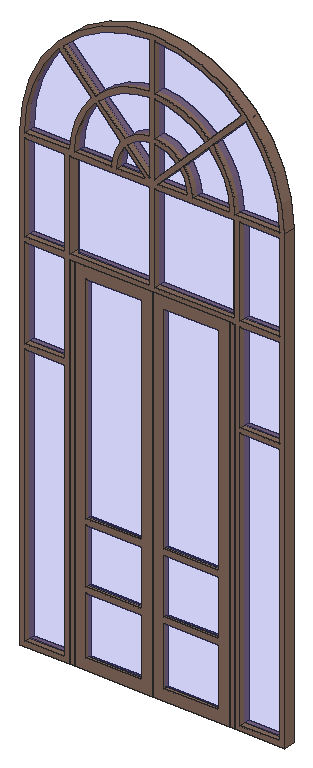
Revit family "DAL_A3-516-Front-Door-2", category Doors, host Wall, Revit 2016
Family settings
  Host = Wall
  Always vertical = Yes
  Cut with Voids When Loaded = No
  Shared = No
  Room Calculation Point = No
Parameters
  offset = 115 mm
  Function = Interior
  Frame Projection Ext. = 25 mm
  Frame Projection Int. = 25 mm
  Frame Width = 75 mm
  Height = 2000 mm
  Wall Closure = By host
  Width = 1700 mm
Reference planes
  plane 1: y = 0
  plane 2 "Center (Left/Right)": x = 0
  plane 3 "Left": x = -850
  plane 4 "Right": x = 850
  plane 5 "Exterior": y = 115
  plane 6 "Interior": y = -115
  plane 7: x = 750
  plane 8: x = -750
  plane 9: z = 4900
Forms (mm)
  Extrusion 1, solid, material "frontdoor"
    sketch origin (0, 115, 0) x (1, 0, 0) y (0, 0, 1)
      loop
        arc (1200, 4172) -> (0, 5372) -> (-1200, 4172) r 1200
        line (-1200, 4172) -> (-1200, 0) -> (-750, 0) -> (-750, 2459) -> (-750, 3282.5) -> (750, 3282.5) -> (750, 2415) -> (750, 0) -> (1200, 0) -> (1200, 4172)
      loop
        line (-750, 4128) -> (-750, 3326.5) -> (-22, 3326.5) -> (-22, 4128) -> (-750, 4128)
      loop
        line (-1156, 4172) -> (-749.677, 4172)
        arc (-749.677, 4172) -> (-692.91, 4437.013) -> (-545.658, 4664.546) r 750
        line (-545.658, 4664.546) -> (-843.54, 4962.428)
        arc (-843.54, 4962.428) -> (-1075.051, 4596.973) -> (-1156, 4172) r 1156
      loop
        line (750, 4128) -> (22, 4128) -> (22, 3326.5) -> (750, 3326.5) -> (750, 4128)
      loop
        line (22, 5327.791) -> (22, 4899.677)
        arc (22, 4899.677) -> (287.013, 4842.91) -> (514.546, 4695.658) r 750
        line (514.546, 4695.658) -> (812.846, 4993.959)
        arc (812.846, 4993.959) -> (449.559, 5237.004) -> (22, 5327.791) r 1156
      loop
        line (-22, 4203.113) -> (-22, 4491.071)
        arc (-22, 4491.071) -> (-129.55, 4464.416) -> (-221.551, 4402.663) r 319.829
        line (-221.551, 4402.663) -> (-22, 4203.113)
      loop
        arc (-22, 4855.657) -> (-270.175, 4802.259) -> (-483.419, 4664.531) r 706
        line (-483.419, 4664.531) -> (-252.669, 4433.782)
        arc (-252.669, 4433.782) -> (-146.391, 4505.078) -> (-22, 4535.163) r 363.829
        line (-22, 4535.163) -> (-22, 4855.657)
      loop
        arc (483.419, 4664.531) -> (270.175, 4802.259) -> (22, 4855.657) r 706
        line (22, 4855.657) -> (22, 4535.163)
        arc (22, 4535.163) -> (146.391, 4505.078) -> (252.669, 4433.782) r 363.829
        line (252.669, 4433.782) -> (483.419, 4664.531)
      loop
        arc (-514.531, 4633.419) -> (-652.259, 4420.175) -> (-705.657, 4172) r 706
        line (-705.657, 4172) -> (-363.829, 4172)
        arc (-363.829, 4172) -> (-342.88, 4293.673) -> (-282.448, 4401.335) r 363.829
        line (-282.448, 4401.335) -> (-514.531, 4633.419)
      loop
        arc (319.829, 4172) -> (302.17, 4276.802) -> (251.145, 4370.032) r 319.829
        line (251.145, 4370.032) -> (53.113, 4172) -> (319.829, 4172)
      loop
        line (22, 4203.113) -> (221.551, 4402.663)
        arc (221.551, 4402.663) -> (129.55, 4464.416) -> (22, 4491.071) r 319.829
        line (22, 4491.071) -> (22, 4203.113)
      loop
        line (843.54, 4962.428) -> (545.658, 4664.546)
        arc (545.658, 4664.546) -> (692.91, 4437.013) -> (749.677, 4172) r 750
        line (749.677, 4172) -> (1156, 4172)
        arc (1156, 4172) -> (1075.051, 4596.973) -> (843.54, 4962.428) r 1156
      loop
        arc (282.448, 4401.335) -> (342.88, 4293.673) -> (363.829, 4172) r 363.829
        line (363.829, 4172) -> (705.657, 4172)
        arc (705.657, 4172) -> (652.259, 4420.175) -> (514.531, 4633.419) r 706
        line (514.531, 4633.419) -> (282.448, 4401.335)
      loop
        arc (-251.145, 4370.032) -> (-302.17, 4276.802) -> (-319.829, 4172) r 319.829
        line (-319.829, 4172) -> (-53.113, 4172) -> (-251.145, 4370.032)
      loop
        line (-794, 4128) -> (-1156, 4128) -> (-1156, 3326.5) -> (-794, 3326.5) -> (-794, 4128)
      loop
        line (-1156, 44) -> (-794, 44) -> (-794, 2415) -> (-1156, 2415) -> (-1156, 44)
      loop
        line (794, 4128) -> (794, 3326.5) -> (1156, 3326.5) -> (1156, 4128) -> (794, 4128)
      loop
        line (1156, 44) -> (1156, 2415) -> (794, 2415) -> (794, 44) -> (1156, 44)
      loop
        line (-794, 2459) -> (-794, 3282.5) -> (-1156, 3282.5) -> (-1156, 2459) -> (-794, 2459)
      loop
        line (794, 2459) -> (1156, 2459) -> (1156, 3282.5) -> (794, 3282.5) -> (794, 2459)
      loop
        arc (-514.546, 4695.658) -> (-287.013, 4842.91) -> (-22, 4899.677) r 750
        line (-22, 4899.677) -> (-22, 5327.791)
        arc (-22, 5327.791) -> (-449.559, 5237.004) -> (-812.846, 4993.959) r 1156
        line (-812.846, 4993.959) -> (-514.546, 4695.658)
    from 65 to 165
  Extrusion 2, solid, material "frontdoor"
    sketch origin (0, 115, 0) x (1, 0, 0) y (0, 0, 1)
      loop
        line (700, 3282.5) -> (0, 3282.5) -> (0, 0) -> (700, 0) -> (700, 3282.5)
      loop
        line (600, 3182.5) -> (100, 3182.5) -> (100, 1232.5) -> (600, 1232.5) -> (600, 3182.5)
      loop
        line (100, 100) -> (600, 100) -> (600, 628.75) -> (100, 628.75) -> (100, 100)
      loop
        line (100, 678.75) -> (600, 678.75) -> (600, 1182.5) -> (100, 1182.5) -> (100, 678.75)
    from 115 to 165
  Extrusion 3, solid, material "frontdoor"
    sketch origin (0, 75, 0) x (-1, 0, 0) y (0, 0, -1)
      loop
        line (700, -3282.5) -> (700, 0) -> (0, 0) -> (0, -3282.5) -> (700, -3282.5)
      loop
        line (100, -3182.5) -> (600, -3182.5) -> (600, -1232.5) -> (100, -1232.5) -> (100, -3182.5)
      loop
        line (600, -100) -> (100, -100) -> (100, -628.75) -> (600, -628.75) -> (600, -100)
      loop
        line (100, -1182.5) -> (600, -1182.5) -> (600, -678.75) -> (100, -678.75) -> (100, -1182.5)
    from 75 to 125
  Extrusion 4, solid, material "Glass"
    sketch origin (0, 115, 0) x (1, 0, 0) y (0, 0, 1)
      loop
        line (600, 3182.5) -> (100, 3182.5) -> (100, 1232.5) -> (600, 1232.5) -> (600, 3182.5)
      loop
        line (600, 1182.5) -> (100, 1182.5) -> (100, 678.75) -> (600, 678.75) -> (600, 1182.5)
      loop
        line (600, 628.75) -> (100, 628.75) -> (100, 100) -> (600, 100) -> (600, 628.75)
    from 135 to 145
  Extrusion 5, solid, material "Glass"
    sketch origin (0, 75, 0) x (-1, 0, 0) y (0, 0, -1)
      loop
        line (600, -3182.5) -> (600, -1232.5) -> (100, -1232.5) -> (100, -3182.5) -> (600, -3182.5)
      loop
        line (600, -1182.5) -> (600, -678.75) -> (100, -678.75) -> (100, -1182.5) -> (600, -1182.5)
      loop
        line (600, -628.75) -> (600, -100) -> (100, -100) -> (100, -628.75) -> (600, -628.75)
    from 95 to 105
  Extrusion 6, solid, material "Glass"
    sketch origin (0, -115, 0) x (1, 0, 0) y (0, 0, 1)
      loop
        line (843.54, 4962.428) -> (53.113, 4172) -> (1156, 4172)
        arc (1156, 4172) -> (1075.051, 4596.973) -> (843.54, 4962.428) r 1156
      loop
        line (22, 5327.791) -> (22, 4203.113) -> (812.846, 4993.959)
        arc (812.846, 4993.959) -> (449.559, 5237.004) -> (22, 5327.791) r 1156
      loop
        arc (-22, 5327.791) -> (-449.559, 5237.004) -> (-812.846, 4993.959) r 1156
        line (-812.846, 4993.959) -> (-22, 4203.113) -> (-22, 5327.791)
      loop
        arc (-843.54, 4962.428) -> (-1075.051, 4596.973) -> (-1156, 4172) r 1156
        line (-1156, 4172) -> (-53.113, 4172) -> (-843.54, 4962.428)
      loop
        line (-706, 4128) -> (-706, 3326.5) -> (-22, 3326.5) -> (-22, 4128) -> (-706, 4128)
      loop
        line (22, 4128) -> (22, 3326.5) -> (706, 3326.5) -> (706, 4128) -> (22, 4128)
      loop
        line (-1156, 4128) -> (-1156, 3326.5) -> (-794, 3326.5) -> (-794, 4128) -> (-1156, 4128)
      loop
        line (-1156, 3282.5) -> (-1156, 2459) -> (-794, 2459) -> (-794, 3282.5) -> (-1156, 3282.5)
      loop
        line (-1156, 2415) -> (-1156, 44) -> (-794, 44) -> (-794, 2415) -> (-1156, 2415)
      loop
        line (1156, 4128) -> (794, 4128) -> (794, 3326.5) -> (1156, 3326.5) -> (1156, 4128)
      loop
        line (1156, 3282.5) -> (794, 3282.5) -> (794, 2459) -> (1156, 2459) -> (1156, 3282.5)
      loop
        line (1156, 2415) -> (794, 2415) -> (794, 44) -> (1156, 44) -> (1156, 2415)
    from -120 to -110
  Extrusion 7, solid, material "frontdoor"
    sketch origin (0, 115, 0) x (1, 0, 0) y (0, 0, 1)
      loop
        line (700, 3282.5) -> (700, 0) -> (750, 0) -> (750, 3282.5) -> (700, 3282.5)
      loop
        line (-700, 0) -> (-700, 3282.5) -> (-750, 3282.5) -> (-750, 0) -> (-700, 0)
    from 65 to 165
Lines and regions (mm)
  Opening 1
    outline origin (-3050, -115, 0) x (1, 0, 0) y (0, 0, 1)
      loop
        line (1850, 0) -> (4250, 0) -> (4250, 4172)
        arc (4250, 4172) -> (3050, 5372) -> (1850, 4172) r 1200
        line (1850, 4172) -> (1850, 0)
  symbolic lines, style "Plan Swing"
    curve 1: arc (2.196, -52.02, 0) -> (-201.795, -586.435, 0) -> (-710, -848.999, 0) r 802.026
    curve 2: line (-750, -50, 0) -> (-710, -50, 0)
    curve 3: line (-750, -848.999, 0) -> (-750, -50, 0)
    curve 4: line (-710, -848.999, 0) -> (-750, -848.999, 0)
    curve 5: line (-710, -50, 0) -> (-710, -848.999, 0)
    curve 10: arc (-2.196, -52.02, 0) -> (201.795, -586.435, 0) -> (710, -848.999, 0) r 802.026
    curve 11: line (750, -50, 0) -> (710, -50, 0)
    curve 12: line (750, -848.999, 0) -> (750, -50, 0)
    curve 13: line (710, -848.999, 0) -> (750, -848.999, 0)
    curve 14: line (710, -50, 0) -> (710, -848.999, 0)
  model lines, style "Elevation Swing"
    curve 6: line (700, 115, 2415) -> (0, 115, 1207.5)
    curve 7: line (0, 115, 1207.5) -> (700, 115, 0)
    curve 8: line (-700, 115, 2415) -> (0, 115, 1207.5)
    curve 9: line (-700, 115, 0) -> (0, 115, 1207.5)
Text (mm)
  text "Exterior" at (-2295.016, 1099.543, 0), in view "Ref. Level"
  text "Exterior" at (0, 1615.38, 3698.081), in view "Left"
  text "Exterior" at (0, 1036.032, 3874.932), in view "Right"
Dimensions and locks
  equal spacing: plane 3 "Left", plane 2 "Center (Left/Right)", plane 4 "Right"
  "Width": plane 3 "Left" to plane 4 "Right"
  locked: plane 5 "Exterior" to host wall at 0
  locked: plane 6 "Interior" to host wall
  Extrusion 1 to host wall to Extrusion 1 = 50 mm locked, 50 mm locked
  locked: Extrusion 2 to Extrusion 4 at 20  (x2)
  Extrusion 6 to Extrusion 3 to Extrusion 6 = 5 mm locked, 5 mm locked
  locked: curve 4 to Extrusion 3 at 798.999
  "offset": plane 6 "Interior" to plane 1
  radius of curve 1 = 802.026 mm
  aligned and locked: Opening 1 sketch curve to level
  aligned and locked: plane 1 to host wall
  aligned and locked: level to Extrusion 2 sketch curve
  aligned and locked: Extrusion 2 sketch curve to plane 2 "Center (Left/Right)"
  aligned and locked: Extrusion 1 to Extrusion 2
  aligned and locked: Extrusion 2 to host wall
  aligned and locked: Extrusion 3 to host wall
  aligned and locked: Extrusion 1 to Extrusion 3
  aligned and locked: Extrusion 3 to Extrusion 2
  aligned and locked: curve 2 to Extrusion 3
  aligned and locked: Extrusion 7 sketch curve to host wall
  aligned and locked: Extrusion 7 sketch curve to Extrusion 3
  aligned and locked: Extrusion 1 to Extrusion 7  (x2)
Automatic sketch dimensions
  Extrusion 5 sketch curve to plane 2 "Center (Left/Right)" = 100 mm  (x2)
  Extrusion 5 sketch curve to Extrusion 5 sketch curve = 0 mm  (x2)
  Extrusion 5 sketch curve to plane 3 "Left" = 250 mm  (x2)
  Extrusion 5 sketch curve to Extrusion 5 sketch curve = 1950 mm
  Extrusion 5 sketch curve to Extrusion 5 sketch curve = 50 mm  (x2)
  Extrusion 5 sketch curve to Extrusion 5 sketch curve = 503.75 mm
  level to Extrusion 5 sketch curve = 100 mm
  Extrusion 7 sketch curve to plane 8 = 0 mm
  Extrusion 7 sketch curve to plane 7 = 0 mm
  Extrusion 7 sketch curve to Extrusion 7 sketch curve = 50 mm
  plane 7 to Extrusion 7 sketch curve = 50 mm
  curve 9 to level = 0 mm
  curve 7 to plane 2 "Center (Left/Right)" = 0 mm
  curve 7 to level = 0 mm
  curve 8 to plane 8 = 50 mm
  curve 9 to plane 8 = 50 mm
  plane 7 to curve 7 = 50 mm
  plane 7 to curve 6 = 50 mm
  level to curve 7 = 1207.5 mm
  curve 6 to curve 8 = 1207.5 mm
  curve 6 to curve 6 = 1207.5 mm
  plane 2 "Center (Left/Right)" to Extrusion 4 sketch curve = 100 mm  (x2)
  Extrusion 4 sketch curve to Extrusion 4 sketch curve = 0 mm  (x2)
  plane 7 to Extrusion 4 sketch curve = 150 mm  (x2)
  level to Extrusion 4 sketch curve = 100 mm
  Extrusion 4 sketch curve to Extrusion 4 sketch curve = 528.75 mm
  Extrusion 4 sketch curve to Extrusion 4 sketch curve = 50 mm  (x2)
  Extrusion 4 sketch curve to Extrusion 4 sketch curve = 503.75 mm
  Extrusion 4 sketch curve to Extrusion 4 sketch curve = 1950 mm
  Extrusion 5 sketch curve to Extrusion 5 sketch curve = 528.75 mm
  curve 4 to plane 8 = 0 mm
  plane 8 to curve 1 = 49.83 mm
  curve 1 to plane 8 = 40 mm
  curve 11 to plane 7 = 0 mm
  plane 7 to curve 14 = 40 mm
  curve 10 to plane 2 "Center (Left/Right)" = 2.196 mm
  curve 10 to plane 7 = 49.83 mm
  host wall to curve 12 = 733.999 mm
  curve 10 to curve 11 = 2.02 mm
  Extrusion 6 sketch curve to Extrusion 6 sketch curve = 0 mm  (x19)
  Extrusion 6 sketch curve to plane 2 "Center (Left/Right)" = 0 mm
  Extrusion 6 sketch curve to plane 2 "Center (Left/Right)" = 22 mm  (x2)
  Extrusion 6 sketch curve to Extrusion 6 sketch curve = 31.113 mm  (x3)
  plane 8 to Extrusion 6 sketch curve = 62.846 mm
  Extrusion 6 sketch curve to Extrusion 6 sketch curve = 30.694 mm  (x2)
  plane 8 to Extrusion 6 sketch curve = 406 mm
  Extrusion 6 sketch curve to plane 8 = 44 mm
  plane 8 to Extrusion 6 sketch curve = 44 mm
  plane 3 "Left" to Extrusion 6 sketch curve = 306 mm  (x2)
  plane 2 "Center (Left/Right)" to Extrusion 6 sketch curve = 22 mm  (x2)
  Extrusion 6 sketch curve to plane 7 = 62.846 mm
  Extrusion 6 sketch curve to plane 7 = 406 mm
  plane 7 to Extrusion 6 sketch curve = 44 mm
  level to Extrusion 6 sketch curve = 44 mm  (x2)
  Extrusion 6 sketch curve to Extrusion 6 sketch curve = 2371 mm
  Extrusion 6 sketch curve to Extrusion 6 sketch curve = 44 mm  (x5)
  plane 9 to Extrusion 6 sketch curve = 772 mm
  Extrusion 6 sketch curve to Extrusion 6 sketch curve = 31.531 mm  (x2)
  Extrusion 6 sketch curve to plane 7 = 44 mm  (x2)
  Extrusion 6 sketch curve to plane 4 "Right" = 306 mm
  Opening 1 sketch curve to plane 2 "Center (Left/Right)" = 0 mm
  plane 3 "Left" to Opening 1 sketch curve = 350 mm
  plane 9 to Opening 1 sketch curve = 728 mm
  Extrusion 1 sketch curve to Extrusion 1 sketch curve = 0 mm  (x50)
  Extrusion 1 sketch curve to level = 0 mm  (x2)
  Extrusion 1 sketch curve to plane 8 = 0 mm  (x2)
  Extrusion 1 sketch curve to plane 2 "Center (Left/Right)" = 0 mm  (x2)
  Extrusion 1 sketch curve to plane 7 = 0 mm  (x2)
  plane 8 to Extrusion 1 sketch curve = 44 mm  (x3)
  Extrusion 1 sketch curve to plane 3 "Left" = 37.154 mm
  Extrusion 1 sketch curve to plane 3 "Left" = 6.46 mm
  plane 3 "Left" to Extrusion 1 sketch curve = 306 mm  (x2)
  level to Extrusion 1 sketch curve = 44 mm  (x2)
  Extrusion 1 sketch curve to Extrusion 1 sketch curve = 44 mm  (x11)
  Extrusion 1 sketch curve to plane 8 = 0.323 mm
  Extrusion 1 sketch curve to Extrusion 1 sketch curve = 44.02 mm
  Extrusion 1 sketch curve to plane 8 = 204.342 mm
  Extrusion 1 sketch curve to Extrusion 1 sketch curve = 31.113 mm  (x10)
  Extrusion 1 sketch curve to Extrusion 1 sketch curve = 31.127 mm  (x2)
  Extrusion 1 sketch curve to Extrusion 1 sketch curve = 341.829 mm
  Extrusion 1 sketch curve to Extrusion 1 sketch curve = 37.381 mm
  Extrusion 1 sketch curve to Extrusion 1 sketch curve = 29.779 mm  (x2)
  Extrusion 1 sketch curve to Extrusion 1 sketch curve = 31.303 mm
  Extrusion 1 sketch curve to Extrusion 1 sketch curve = 31.118 mm  (x4)
  Extrusion 1 sketch curve to plane 2 "Center (Left/Right)" = 53.113 mm
  Extrusion 1 sketch curve to plane 2 "Center (Left/Right)" = 22 mm  (x4)
  plane 9 to Extrusion 1 sketch curve = 0.323 mm
  plane 2 "Center (Left/Right)" to Extrusion 1 sketch curve = 22 mm  (x4)
  Extrusion 1 sketch curve to Extrusion 1 sketch curve = 199.551 mm
  Extrusion 1 sketch curve to Extrusion 1 sketch curve = 29.594 mm
  Extrusion 1 sketch curve to Extrusion 1 sketch curve = 68.684 mm
  plane 7 to Extrusion 1 sketch curve = 266.581 mm
  plane 7 to Extrusion 1 sketch curve = 44.343 mm
  plane 7 to Extrusion 1 sketch curve = 0.323 mm
  Extrusion 1 sketch curve to plane 7 = 44 mm  (x2)
  plane 4 "Right" to Extrusion 1 sketch curve = 37.154 mm
  plane 4 "Right" to Extrusion 1 sketch curve = 6.46 mm
  Extrusion 1 sketch curve to Extrusion 1 sketch curve = 2371 mm
  Extrusion 1 sketch curve to Extrusion 1 sketch curve = 823.5 mm  (x2)
  Extrusion 1 sketch curve to Extrusion 1 sketch curve = 771.677 mm
  plane 9 to Extrusion 1 sketch curve = 772 mm
  Extrusion 1 sketch curve to Extrusion 1 sketch curve = 22 mm
  Extrusion 1 sketch curve to Extrusion 1 sketch curve = 32.631 mm  (x2)
  Extrusion 1 sketch curve to Extrusion 1 sketch curve = 31.531 mm  (x2)
  Extrusion 6 sketch curve to Extrusion 6 sketch curve = 823.5 mm  (x2)
  plane 9 to Extrusion 7 sketch curve = 1617.5 mm
  Extrusion 7 sketch curve to Extrusion 7 sketch curve = 0 mm
  Extrusion 3 sketch curve to plane 2 "Center (Left/Right)" = 0 mm
  Extrusion 3 sketch curve to level = 0 mm
  Extrusion 3 sketch curve to plane 2 "Center (Left/Right)" = 100 mm
  Extrusion 3 sketch curve to Extrusion 3 sketch curve = 0 mm  (x3)
  Extrusion 3 sketch curve to plane 8 = 150 mm  (x2)
  Extrusion 3 sketch curve to plane 8 = 50 mm
  level to Extrusion 3 sketch curve = 100 mm
  Extrusion 3 sketch curve to Extrusion 3 sketch curve = 528.75 mm
  Extrusion 3 sketch curve to Extrusion 3 sketch curve = 50 mm  (x2)
  Extrusion 3 sketch curve to Extrusion 3 sketch curve = 503.75 mm
  plane 9 to Extrusion 3 sketch curve = 1717.5 mm
  Extrusion 3 sketch curve to Extrusion 3 sketch curve = 100 mm
  plane 2 "Center (Left/Right)" to Extrusion 2 sketch curve = 100 mm
  Extrusion 2 sketch curve to Extrusion 2 sketch curve = 0 mm  (x3)
  plane 7 to Extrusion 2 sketch curve = 150 mm  (x2)
  plane 7 to Extrusion 2 sketch curve = 50 mm
  level to Extrusion 2 sketch curve = 100 mm
  Extrusion 2 sketch curve to Extrusion 2 sketch curve = 528.75 mm
  Extrusion 2 sketch curve to Extrusion 2 sketch curve = 50 mm  (x2)
  Extrusion 2 sketch curve to Extrusion 2 sketch curve = 503.75 mm
  plane 9 to Extrusion 2 sketch curve = 1717.5 mm
  Extrusion 2 sketch curve to Extrusion 2 sketch curve = 100 mm
